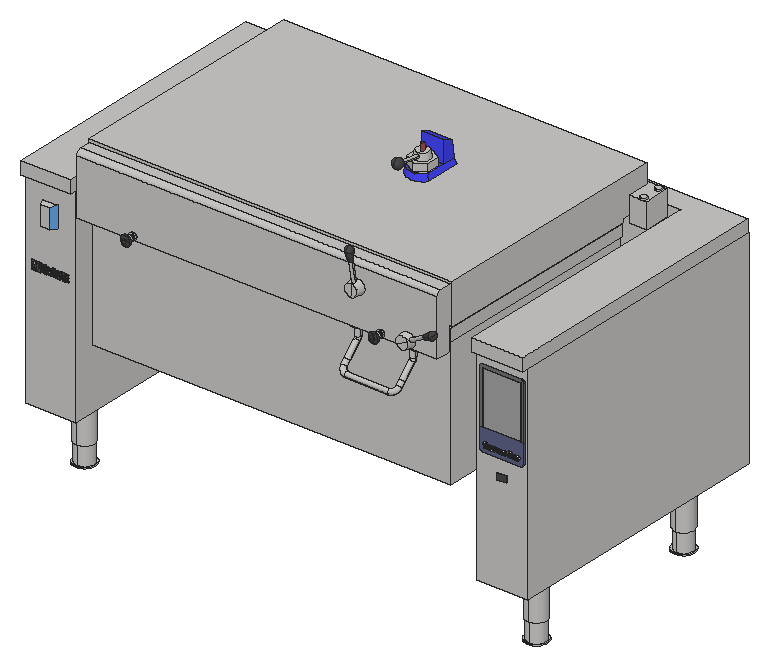
Revit family "QF_ELECTROLUXPROFESSIONAL_587146_PUET17ECIO", category Attrezzature speciali, Revit 2020 (continued)
Definition of nested family "QF_ELECTROLUXPROFESSIONAL_PUETNB900_LEFT"
  Automatic sketch dimensions
    Extrusion 4 sketch curve to Extrusion 4 sketch curve = 3.811 mm
    Extrusion 4 sketch curve to Extrusion 4 sketch curve = 2.136 mm  (x2)
    Extrusion 4 sketch curve to Extrusion 4 sketch curve = 2.352 mm  (x2)
    Extrusion 4 sketch curve to Extrusion 4 sketch curve = 3.797 mm
    Extrusion 4 sketch curve to Extrusion 4 sketch curve = 1.528 mm
    Extrusion 4 sketch curve to Extrusion 4 sketch curve = 1.476 mm  (x2)
    Extrusion 4 sketch curve to Extrusion 4 sketch curve = 1.469 mm  (x2)
    Extrusion 4 sketch curve to Extrusion 4 sketch curve = 3.728 mm
    Extrusion 4 sketch curve to Extrusion 4 sketch curve = 0.046 mm
    Extrusion 4 sketch curve to Extrusion 4 sketch curve = 0.177 mm
    Extrusion 4 sketch curve to Extrusion 4 sketch curve = 0.947 mm
    Extrusion 4 sketch curve to Extrusion 4 sketch curve = 0.308 mm
    Extrusion 4 sketch curve to Extrusion 4 sketch curve = 0.091 mm
    Extrusion 4 sketch curve to Extrusion 4 sketch curve = 2.375 mm
    Extrusion 4 sketch curve to Extrusion 4 sketch curve = 0.94 mm
    Extrusion 4 sketch curve to Extrusion 4 sketch curve = 0.54 mm
    Extrusion 4 sketch curve to Extrusion 4 sketch curve = 0.102 mm
    Extrusion 4 sketch curve to Extrusion 4 sketch curve = 0.002 mm  (x4)
    Extrusion 4 sketch curve to Extrusion 4 sketch curve = 0.105 mm
    Extrusion 4 sketch curve to Extrusion 4 sketch curve = 0.097 mm
    Extrusion 4 sketch curve to plane 3 "Center (Left/Right)" = 0.241 mm
    Extrusion 4 sketch curve to plane 3 "Center (Left/Right)" = 0.412 mm
    Extrusion 4 sketch curve to plane 3 "Center (Left/Right)" = 2.074 mm
    Extrusion 4 sketch curve to Extrusion 4 sketch curve = 1.777 mm
    Extrusion 4 sketch curve to plane 3 "Center (Left/Right)" = 2.704 mm
    Extrusion 4 sketch curve to Extrusion 4 sketch curve = 1.001 mm
    Extrusion 4 sketch curve to Extrusion 4 sketch curve = 1.393 mm  (x2)
    Extrusion 4 sketch curve to Extrusion 4 sketch curve = 2.363 mm
    Extrusion 4 sketch curve to Extrusion 4 sketch curve = 2.253 mm
    Extrusion 4 sketch curve to Extrusion 4 sketch curve = 0.014 mm  (x4)
    Extrusion 4 sketch curve to Extrusion 4 sketch curve = 0.172 mm
    Extrusion 4 sketch curve to Extrusion 4 sketch curve = 0.096 mm
    Extrusion 4 sketch curve to Extrusion 4 sketch curve = 0.164 mm
    Extrusion 4 sketch curve to Extrusion 4 sketch curve = 0.298 mm
    Extrusion 4 sketch curve to Extrusion 4 sketch curve = 0.247 mm
    Extrusion 4 sketch curve to Extrusion 4 sketch curve = 0.084 mm
    Extrusion 4 sketch curve to Extrusion 4 sketch curve = 6.484 mm
    Extrusion 4 sketch curve to Extrusion 4 sketch curve = 2.596 mm
    Extrusion 4 sketch curve to Extrusion 4 sketch curve = 0.059 mm  (x2)
    Extrusion 4 sketch curve to Extrusion 4 sketch curve = 3.889 mm
    Extrusion 4 sketch curve to Extrusion 4 sketch curve = 6.029 mm
    Extrusion 4 sketch curve to Extrusion 4 sketch curve = 0.929 mm
    Extrusion 4 sketch curve to Extrusion 4 sketch curve = 1.102 mm
    Extrusion 4 sketch curve to Extrusion 4 sketch curve = 0.756 mm  (x2)
    Extrusion 4 sketch curve to Extrusion 4 sketch curve = 0.852 mm
    Extrusion 4 sketch curve to Extrusion 4 sketch curve = 0.108 mm
    Extrusion 4 sketch curve to Extrusion 4 sketch curve = 0.101 mm
    Extrusion 4 sketch curve to Extrusion 4 sketch curve = 0.072 mm
    Extrusion 4 sketch curve to Extrusion 4 sketch curve = 1.67 mm
    Extrusion 4 sketch curve to Extrusion 4 sketch curve = 1.834 mm
    Extrusion 4 sketch curve to Extrusion 4 sketch curve = 0.366 mm
    Extrusion 4 sketch curve to Extrusion 4 sketch curve = 0.993 mm
    Extrusion 4 sketch curve to Extrusion 4 sketch curve = 0.81 mm
    Extrusion 4 sketch curve to Extrusion 4 sketch curve = 1.026 mm  (x2)
    Extrusion 4 sketch curve to Extrusion 4 sketch curve = 4.272 mm
    Extrusion 4 sketch curve to Extrusion 4 sketch curve = 0.163 mm
    Extrusion 4 sketch curve to Extrusion 4 sketch curve = 0.551 mm
    plane 14 to Extrusion 4 sketch curve = 6.023 mm
    Extrusion 4 sketch curve to Extrusion 4 sketch curve = 1.451 mm
    plane 14 to Extrusion 4 sketch curve = 5.28 mm
    Extrusion 4 sketch curve to Extrusion 4 sketch curve = 0.045 mm  (x2)
    Extrusion 4 sketch curve to Extrusion 4 sketch curve = 0.241 mm
    Extrusion 4 sketch curve to Extrusion 4 sketch curve = 0.039 mm
    Extrusion 4 sketch curve to Extrusion 4 sketch curve = 1.134 mm
    Extrusion 4 sketch curve to Extrusion 4 sketch curve = 2.351 mm
    Extrusion 4 sketch curve to plane 14 = 0.874 mm
    Extrusion 4 sketch curve to Extrusion 4 sketch curve = 10.128 mm
    Extrusion 4 sketch curve to Extrusion 4 sketch curve = 0.956 mm
    Extrusion 4 sketch curve to Extrusion 4 sketch curve = 1.263 mm
    Extrusion 4 sketch curve to Extrusion 4 sketch curve = 2.577 mm
    Extrusion 4 sketch curve to Extrusion 4 sketch curve = 0.243 mm
    Extrusion 4 sketch curve to Extrusion 4 sketch curve = 0.031 mm
    Extrusion 4 sketch curve to Extrusion 4 sketch curve = 7.148 mm
    Extrusion 4 sketch curve to Extrusion 4 sketch curve = 1.502 mm
    Extrusion 4 sketch curve to Extrusion 4 sketch curve = 11.54 mm
    Extrusion 4 sketch curve to Extrusion 4 sketch curve = 11.758 mm
    Extrusion 4 sketch curve to Extrusion 4 sketch curve = 4.097 mm
    Extrusion 4 sketch curve to Extrusion 4 sketch curve = 0.011 mm
    Extrusion 4 sketch curve to Extrusion 4 sketch curve = 4.488 mm
    plane 17 "CHW" to Extrusion 4 sketch curve = 191.223 mm
    Extrusion 4 sketch curve to Extrusion 4 sketch curve = 3.444 mm  (x2)
    Extrusion 4 sketch curve to Extrusion 4 sketch curve = 3.777 mm
    Extrusion 4 sketch curve to Extrusion 4 sketch curve = 1.093 mm
    Extrusion 4 sketch curve to Extrusion 4 sketch curve = 1.192 mm
    Extrusion 4 sketch curve to Extrusion 4 sketch curve = 0.319 mm
    Extrusion 4 sketch curve to Extrusion 4 sketch curve = 5.798 mm
    Extrusion 4 sketch curve to Extrusion 4 sketch curve = 2.021 mm
    Extrusion 4 sketch curve to Extrusion 4 sketch curve = 2.357 mm  (x3)
    Extrusion 4 sketch curve to Extrusion 4 sketch curve = 0.892 mm  (x3)
    Extrusion 4 sketch curve to Extrusion 4 sketch curve = 1.018 mm
    Extrusion 4 sketch curve to Extrusion 4 sketch curve = 3.382 mm  (x2)
    Extrusion 4 sketch curve to Extrusion 4 sketch curve = 2.117 mm
    Extrusion 4 sketch curve to Extrusion 4 sketch curve = 0.195 mm  (x2)
    Extrusion 4 sketch curve to Extrusion 4 sketch curve = 0.295 mm  (x2)
    Extrusion 4 sketch curve to Extrusion 4 sketch curve = 0.618 mm
    Extrusion 4 sketch curve to Extrusion 4 sketch curve = 0.385 mm  (x2)
    Extrusion 4 sketch curve to Extrusion 4 sketch curve = 1.626 mm  (x2)
    Extrusion 4 sketch curve to Extrusion 4 sketch curve = 1.65 mm
    Extrusion 4 sketch curve to Extrusion 4 sketch curve = 1.662 mm
    Extrusion 4 sketch curve to Extrusion 4 sketch curve = 0.013 mm  (x2)
    Extrusion 4 sketch curve to Extrusion 4 sketch curve = 0.292 mm
    Extrusion 4 sketch curve to Extrusion 4 sketch curve = 0.107 mm  (x2)
    Extrusion 4 sketch curve to Extrusion 4 sketch curve = 0.068 mm  (x2)
    Extrusion 4 sketch curve to Extrusion 4 sketch curve = 0.968 mm
    Extrusion 4 sketch curve to Extrusion 4 sketch curve = 0.365 mm
    Extrusion 4 sketch curve to Extrusion 4 sketch curve = 2.361 mm
    Extrusion 4 sketch curve to Extrusion 4 sketch curve = 2.359 mm
    Extrusion 4 sketch curve to Extrusion 4 sketch curve = 0.531 mm  (x2)
    Extrusion 4 sketch curve to Extrusion 4 sketch curve = 0.928 mm  (x2)
    Extrusion 4 sketch curve to Extrusion 4 sketch curve = 1.058 mm
    Extrusion 4 sketch curve to Extrusion 4 sketch curve = 0.297 mm  (x2)
    Extrusion 4 sketch curve to Extrusion 4 sketch curve = 0.155 mm  (x2)
    Extrusion 4 sketch curve to Extrusion 4 sketch curve = 1.305 mm
    Extrusion 4 sketch curve to Extrusion 4 sketch curve = 1.037 mm
    Extrusion 4 sketch curve to Extrusion 4 sketch curve = 0.182 mm  (x2)
    Extrusion 4 sketch curve to Extrusion 4 sketch curve = 0.607 mm  (x2)
    Extrusion 4 sketch curve to Extrusion 4 sketch curve = 0.304 mm  (x2)
    Extrusion 4 sketch curve to Extrusion 4 sketch curve = 0.372 mm  (x2)
    Extrusion 4 sketch curve to Extrusion 4 sketch curve = 0.016 mm  (x2)
    Extrusion 4 sketch curve to Extrusion 4 sketch curve = 0.996 mm
    Extrusion 4 sketch curve to Extrusion 4 sketch curve = 0.93 mm
    Extrusion 4 sketch curve to Extrusion 4 sketch curve = 0.709 mm  (x2)
    Extrusion 4 sketch curve to Extrusion 4 sketch curve = 1.752 mm
    Extrusion 4 sketch curve to Extrusion 4 sketch curve = 1.017 mm
    Extrusion 4 sketch curve to Extrusion 4 sketch curve = 4.718 mm
    Extrusion 4 sketch curve to Extrusion 4 sketch curve = 0.891 mm
    Extrusion 4 sketch curve to Extrusion 4 sketch curve = 3.826 mm
    Extrusion 4 sketch curve to Extrusion 4 sketch curve = 1.696 mm
    Extrusion 4 sketch curve to Extrusion 4 sketch curve = 0.954 mm
    Extrusion 4 sketch curve to Extrusion 4 sketch curve = 5.576 mm
    Extrusion 4 sketch curve to Extrusion 4 sketch curve = 5.657 mm  (x2)
    Extrusion 4 sketch curve to Extrusion 4 sketch curve = 5.661 mm  (x2)
    Extrusion 4 sketch curve to Extrusion 4 sketch curve = 0.006 mm
    Extrusion 4 sketch curve to Extrusion 4 sketch curve = 1.499 mm
    Extrusion 4 sketch curve to Extrusion 4 sketch curve = 7.186 mm
    Extrusion 4 sketch curve to Extrusion 4 sketch curve = 2.203 mm
    Extrusion 4 sketch curve to Extrusion 4 sketch curve = 2.21 mm
    Extrusion 4 sketch curve to Extrusion 4 sketch curve = 1.607 mm
    Extrusion 4 sketch curve to Extrusion 4 sketch curve = 3.479 mm
    Extrusion 4 sketch curve to Extrusion 4 sketch curve = 3.92 mm
    Extrusion 4 sketch curve to Extrusion 4 sketch curve = 0.05 mm
    Extrusion 4 sketch curve to Extrusion 4 sketch curve = 1.776 mm
    Extrusion 4 sketch curve to Extrusion 4 sketch curve = 4.017 mm
    Extrusion 4 sketch curve to Extrusion 4 sketch curve = 0.196 mm  (x2)
    Extrusion 4 sketch curve to Extrusion 4 sketch curve = 0.19 mm
    Extrusion 4 sketch curve to Extrusion 4 sketch curve = 1.312 mm
    Extrusion 4 sketch curve to Extrusion 4 sketch curve = 0.146 mm
    Extrusion 4 sketch curve to Extrusion 4 sketch curve = 2.831 mm
    Extrusion 4 sketch curve to Extrusion 4 sketch curve = 0.387 mm
    Extrusion 4 sketch curve to Extrusion 4 sketch curve = 0.174 mm
    Extrusion 4 sketch curve to Extrusion 4 sketch curve = 4.623 mm
    Extrusion 4 sketch curve to Extrusion 4 sketch curve = 1.754 mm
    Extrusion 4 sketch curve to Extrusion 4 sketch curve = 0.188 mm
    Extrusion 4 sketch curve to Extrusion 4 sketch curve = 0.02 mm
    Extrusion 4 sketch curve to Extrusion 4 sketch curve = 0.313 mm
    Extrusion 4 sketch curve to Extrusion 4 sketch curve = 0.12 mm
    Extrusion 4 sketch curve to Extrusion 4 sketch curve = 0.062 mm
    Extrusion 4 sketch curve to Extrusion 4 sketch curve = 0.568 mm
    Extrusion 4 sketch curve to Extrusion 4 sketch curve = 1.763 mm
    Extrusion 4 sketch curve to Extrusion 4 sketch curve = 0.095 mm
    Extrusion 4 sketch curve to Extrusion 4 sketch curve = 1.817 mm
    Extrusion 4 sketch curve to Extrusion 4 sketch curve = 0.357 mm
    Extrusion 4 sketch curve to Extrusion 4 sketch curve = 0.008 mm
    Extrusion 4 sketch curve to Extrusion 4 sketch curve = 0.36 mm
    Extrusion 4 sketch curve to Extrusion 4 sketch curve = 3.784 mm
    Extrusion 4 sketch curve to Extrusion 4 sketch curve = 1.654 mm
    Extrusion 4 sketch curve to Extrusion 4 sketch curve = 1.454 mm
    Extrusion 4 sketch curve to Extrusion 4 sketch curve = 1.705 mm
    Extrusion 4 sketch curve to Extrusion 4 sketch curve = 1.893 mm
    Extrusion 4 sketch curve to Extrusion 4 sketch curve = 3.429 mm
    Extrusion 4 sketch curve to Extrusion 4 sketch curve = 1.094 mm
    Extrusion 4 sketch curve to Extrusion 4 sketch curve = 2.218 mm
    Extrusion 4 sketch curve to Extrusion 4 sketch curve = 1.404 mm
    Extrusion 4 sketch curve to Extrusion 4 sketch curve = 5.763 mm
    Extrusion 4 sketch curve to Extrusion 4 sketch curve = 2.932 mm  (x2)
    Extrusion 4 sketch curve to Extrusion 4 sketch curve = 5.959 mm
    Extrusion 4 sketch curve to Extrusion 4 sketch curve = 1.424 mm
    Extrusion 4 sketch curve to Extrusion 4 sketch curve = 3.23 mm
    Extrusion 4 sketch curve to Extrusion 4 sketch curve = 1.975 mm
    Extrusion 4 sketch curve to Extrusion 4 sketch curve = 3.779 mm
    Extrusion 4 sketch curve to Extrusion 4 sketch curve = 2.212 mm
    Extrusion 4 sketch curve to Extrusion 4 sketch curve = 3.78 mm
    Extrusion 4 sketch curve to Extrusion 4 sketch curve = 1.279 mm
    Extrusion 4 sketch curve to Extrusion 4 sketch curve = 1.343 mm  (x2)
    Extrusion 4 sketch curve to Extrusion 4 sketch curve = 1.353 mm  (x2)
    Extrusion 4 sketch curve to Extrusion 4 sketch curve = 0.027 mm  (x2)
    Extrusion 4 sketch curve to Extrusion 4 sketch curve = 0.395 mm  (x2)
    Extrusion 4 sketch curve to Extrusion 4 sketch curve = 0.329 mm  (x2)
    Extrusion 4 sketch curve to Extrusion 4 sketch curve = 0.425 mm  (x2)
    Extrusion 4 sketch curve to Extrusion 4 sketch curve = 0.051 mm  (x2)
    Extrusion 4 sketch curve to Extrusion 4 sketch curve = 0.495 mm  (x2)
    Extrusion 4 sketch curve to Extrusion 4 sketch curve = 0.267 mm  (x2)
    Extrusion 4 sketch curve to Extrusion 4 sketch curve = 1.4 mm
    Extrusion 4 sketch curve to Extrusion 4 sketch curve = 5.233 mm
    Extrusion 4 sketch curve to Extrusion 4 sketch curve = 2.062 mm
    Extrusion 5 sketch curve to plane 13 "HW_CW" = 0.0 mm  (x2)
    Extrusion 5 sketch curve to plane 15 = 0.0 mm
    Extrusion 5 sketch curve to plane 14 = 0.0 mm
    Extrusion 6 sketch curve to plane 16 "Drain_Z" = 0.0 mm
    Extrusion 6 sketch curve to plane 18 = 0.0 mm
    Extrusion 7 sketch curve to plane 3 "Center (Left/Right)" = 0.0 mm
    Extrusion 7 sketch curve to plane 19 = 0.0 mm
    radius of Extrusion 2 sketch curve = 6.35 mm  (x2)
    radius of Extrusion 4 sketch curve = 2.453 mm
    radius of Extrusion 4 sketch curve = 1.557 mm
    radius of Extrusion 4 sketch curve = 1.468 mm
    radius of Extrusion 4 sketch curve = 2.451 mm
    radius of Extrusion 5 sketch curve = 5.0 mm  (x2)
    radius of Extrusion 6 sketch curve = 7.938 mm
    radius of Extrusion 7 sketch curve = 12.7 mm
Definition of nested family "QF_ELECTROLUXPROFESSIONAL_PUETNB900_RIGHT"
  Parameters
    Width = 160.0 mm
    Steam_z = 140.0 mm
    Steam_y = 239.0 mm
    Right = Width / 2  # 80.0 mm
    Default Elevation = 0.0 mm
    Left = -Width / 2  # -80.0 mm
    Htop = 40.0 mm
    Height = 900.0 mm
    HBase = 200.0 mm
    EI_z = 250.0 mm
    EI_y = 312.0 mm
    Depth = 900.0 mm
    BorderFront = 20.0 mm
    Body Finish [instance] = none
  Reference planes
    plane 1 "Center (Front/Back)": y = 0
    plane 2: z = 0
    plane 3 "Center (Left/Right)": x = 0
    plane 4 "LEFT": x = -80
    plane 5 "RIGHT": x = 80
    plane 6 "BACK": y = 450
    plane 7 "FRONT": y = -450
    plane 8 "Base": z = 200
    plane 9 "TOP": z = 900
    plane 10 "BorderFront": y = -430
    plane 11: z = 860
    plane 12 "EI": z = 450
    plane 13: y = 138
    plane 14 "STEAM_y": y = 211
    plane 15 "Steam_z": z = 340
  Forms (mm)
    Extrusion 1, solid
      sketch origin (0, 0, 0) x (1, 0, 0) y (0, 1, 0)
        loop
          line (-80, 450) -> (-80, -430) -> (80, -430) -> (80, 450) -> (-80, 450)
      from 860 to 200
    Extrusion 2, solid
      sketch origin (0, -430, 0) x (-1, 0, 0) y (0, 0, 1)
        loop
          line (59.714, 823.989) -> (-61.821, 823.989)
          arc (-61.821, 823.989) -> (-68.892, 821.06) -> (-71.821, 813.989) r 10
          line (-71.821, 813.989) -> (-71.821, 644.744) -> (-61.821, 644.744) -> (-61.821, 813.989) -> (59.714, 813.989) -> (59.714, 644.744) -> (69.714, 644.744) -> (69.714, 813.989)
          arc (69.714, 813.989) -> (66.786, 821.06) -> (59.714, 823.989) r 10
      from 0 to -3
    Extrusion 3, solid
      sketch origin (0, -430, 0) x (-1, 0, 0) y (0, 0, 1)
        loop
          line (69.714, 585) -> (69.714, 644.744) -> (-71.821, 644.744) -> (-71.821, 585)
          arc (-71.821, 585) -> (-68.892, 577.929) -> (-61.821, 575) r 10
          line (-61.821, 575) -> (59.714, 575)
          arc (59.714, 575) -> (66.786, 577.929) -> (69.714, 585) r 10
      from -3 to 0
    Extrusion 4, solid
      sketch origin (234.714, -430, 0) x (-1, 0, 0) y (0, 0, 1)
        loop
          line (294.429, 813.989) -> (172.894, 813.989) -> (172.894, 644.744) -> (294.429, 644.744) -> (294.429, 813.989)
      from 0 to -3
    Extrusion 5, solid
      sketch origin (0, -430, 0) x (-1, 0, 0) y (0, 0, 1)
        loop
          line (15, 530) -> (-15, 530) -> (-15, 510) -> (15, 510) -> (15, 530)
      from -1.6 to 0
    Extrusion 6, solid
      sketch origin (0, 450, 0) x (-1, 0, 0) y (0, 0, 1)
        loop
          circle (0, 450) r 5
      from 0 to 2
    Extrusion 7, solid
      sketch origin (0, 0, 200) x (0, 1, 0) y (-1, 0, 0)
        loop
          circle (138, 0) r 10
      from 0 to -3
    Extrusion 8, solid
      sketch origin (0, 0, 200) x (0, 1, 0) y (-1, 0, 0)
        loop
          circle (211, 0) r 12.7
      from 0 to -3
    Extrusion 9, solid
      sketch origin (0, 450, 0) x (-1, 0, 0) y (0, 0, 1)
        loop
          circle (0, 340) r 12.7
      from 0 to 3
  Lines and regions (mm)
    symbolic lines
      curve 1: line (-80, 450, 0) -> (80, 450, 0)
      curve 2: line (80, 450, 0) -> (80, -430, 0)
  Dimensions and locks
    "Width": plane 4 "LEFT" to plane 5 "RIGHT"
    equal spacing: plane 4 "LEFT", plane 3 "Center (Left/Right)", plane 5 "RIGHT"
    equal spacing: plane 6 "BACK", plane 1 "Center (Front/Back)", plane 7 "FRONT"
    "Depth": plane 6 "BACK" to plane 7 "FRONT"
    "BorderFront": plane 10 "BorderFront" to plane 7 "FRONT"
    "Htop": plane 9 "TOP" to plane 11
    "Height": plane 9 "TOP" to level
    "HBase": plane 8 "Base" to level
    "EI_y": plane 6 "BACK" to plane 13
    "EI_z": plane 12 "EI" to plane 8 "Base"
    "Steam_y": plane 6 "BACK" to plane 14 "STEAM_y"
    plane 15 "Steam_z" to plane 8 "Base" = 140.0 mm
    aligned and locked: level to plane 2
    aligned and locked: plane 10 "BorderFront" to Extrusion 1 sketch curve
    aligned and locked: plane 11 to Extrusion 1
    aligned and locked: Extrusion 1 to plane 8 "Base"
    aligned and locked: plane 4 "LEFT" to Extrusion 1 sketch curve
    aligned and locked: Extrusion 1 sketch curve to plane 5 "RIGHT"
    aligned and locked: Extrusion 1 sketch curve to plane 6 "BACK"
  Automatic sketch dimensions
    Extrusion 2 sketch curve to plane 5 "RIGHT" = 8.179 mm
    Extrusion 2 sketch curve to Extrusion 2 sketch curve = 10.0 mm  (x2)
    Extrusion 2 sketch curve to Extrusion 2 sketch curve = 0.0 mm  (x4)
    plane 4 "LEFT" to Extrusion 2 sketch curve = 20.286 mm
    Extrusion 2 sketch curve to plane 11 = 215.256 mm
    Extrusion 2 sketch curve to plane 11 = 46.011 mm
    Extrusion 3 sketch curve to plane 5 "RIGHT" = 8.179 mm
    plane 4 "LEFT" to Extrusion 3 sketch curve = 20.286 mm
    plane 4 "LEFT" to Extrusion 3 sketch curve = 10.286 mm
    Extrusion 3 sketch curve to plane 11 = 285.0 mm
    Extrusion 3 sketch curve to Extrusion 3 sketch curve = 59.744 mm
    Extrusion 3 sketch curve to Extrusion 3 sketch curve = 10.0 mm
    plane 4 "LEFT" to Extrusion 4 sketch curve = 20.286 mm
    Extrusion 4 sketch curve to plane 11 = 46.011 mm
    Extrusion 4 sketch curve to plane 5 "RIGHT" = 18.179 mm
    Extrusion 4 sketch curve to Extrusion 4 sketch curve = 169.244 mm
    Extrusion 6 sketch curve to plane 3 "Center (Left/Right)" = 0.0 mm
    Extrusion 6 sketch curve to plane 12 "EI" = 0.0 mm
    curve 1 to plane 4 "LEFT" = 0.0 mm
    curve 1 to plane 5 "RIGHT" = 0.0 mm
    curve 2 to plane 10 "BorderFront" = 0.0 mm
    curve 1 to plane 6 "BACK" = 0.0 mm
    plane 3 "Center (Left/Right)" to Extrusion 5 sketch curve = 15.0 mm
    Extrusion 5 sketch curve to plane 3 "Center (Left/Right)" = 15.0 mm
    plane 12 "EI" to Extrusion 5 sketch curve = 60.0 mm
    Extrusion 5 sketch curve to Extrusion 5 sketch curve = 20.0 mm
    Extrusion 7 sketch curve to plane 3 "Center (Left/Right)" = 0.0 mm
    Extrusion 7 sketch curve to plane 13 = 0.0 mm
    Extrusion 8 sketch curve to plane 3 "Center (Left/Right)" = 0.0 mm
    Extrusion 8 sketch curve to plane 14 "STEAM_y" = 0.0 mm
    Extrusion 9 sketch curve to plane 3 "Center (Left/Right)" = 0.0 mm
    Extrusion 9 sketch curve to plane 15 "Steam_z" = 0.0 mm
    radius of Extrusion 6 sketch curve = 5.0 mm
    radius of Extrusion 7 sketch curve = 10.0 mm
    radius of Extrusion 8 sketch curve = 12.7 mm
    radius of Extrusion 9 sketch curve = 12.7 mm
  Nested families
    nested 1: "ELX_ThermaLine" at (-0.906, -433, 593.675) x (1, 0, 0) z (0, -1, 0), type "ELX_ThermaLine"
      with Show Logo yes, Material_Logo none
  Definition of nested family "ELX_ThermaLine"
    Parameters
      Show Logo [instance] = yes
      Material_Logo [instance] = none
      Default Elevation = 0.0 mm
    Reference planes
      plane 1 "Centro (Fronte/Retro)": y = 0
      plane 2: z = 0
      plane 3 "Centro (Sinistra/Destra)": x = 0
    Forms (mm)
      Extrusion 1, solid
        sketch origin (0, 0, 0) x (1, 0, 0) y (0, 1, 0)
          loop
            line (-1219.2, 1219.2) -> (-1219.2, -1219.2) -> (1219.2, -1219.2) -> (1219.2, 1219.2) -> (-1219.2, 1219.2)
        from 0 to -304.8
      Extrusion 2, solid
        sketch origin (0, 0, 0) x (1, 0, 0) y (0, 1, 0)
          loop
            line (-52.84, 4.345) -> (-50.793, 4.345) -> (-50.793, 6.716) -> (-52.84, 6.716) -> (-52.84, 10.788) -> (-55.901, 9.058) -> (-55.901, 6.716) -> (-57.324, 6.716) -> (-57.324, 4.345) -> (-55.901, 4.345) -> (-55.901, -1.637)
            arc (-55.901, -1.637) -> (-54.76, -4.355) -> (-51.88, -4.985) r 3.198
            line (-51.88, -4.985) -> (-50.444, -4.597) -> (-50.782, -2.189) -> (-51.765, -2.453)
            arc (-51.765, -2.453) -> (-52.506, -2.305) -> (-52.84, -1.628) r 0.854
            line (-52.84, -1.628) -> (-52.84, 4.345)
          loop
            line (-48.642, 11.198) -> (-48.642, -4.787) -> (-45.561, -4.787) -> (-45.561, 2.659)
            arc (-45.561, 2.659) -> (-44.379, 4.372) -> (-42.304, 4.523) r 2.408
            arc (-42.304, 4.523) -> (-41.484, 3.75) -> (-41.182, 2.665) r 2.099
            line (-41.182, 2.665) -> (-41.182, -4.787) -> (-38.117, -4.787) -> (-38.088, 2.166)
            arc (-38.088, 2.166) -> (-38.343, 3.963) -> (-39.021, 5.646) r 7.517
            arc (-39.021, 5.646) -> (-42.369, 6.971) -> (-45.561, 5.303) r 4.327
            line (-45.561, 5.303) -> (-45.561, 11.198) -> (-48.642, 11.198)
          loop
            arc (-28.196, 1.988) -> (-28.834, 3.893) -> (-30.683, 4.679) r 2.449
            arc (-30.683, 4.679) -> (-32.149, 3.674) -> (-32.711, 1.988) r 2.793
            line (-32.711, 1.988) -> (-28.196, 1.988)
          loop
            arc (-25.128, 0.121) -> (-26.074, 4.342) -> (-29.545, 6.923) r 6.212
            arc (-29.545, 6.923) -> (-33.021, 6.358) -> (-35.352, 3.718) r 5.232
            arc (-35.352, 3.718) -> (-35.918, 1.148) -> (-35.633, -1.468) r 8.117
            arc (-35.633, -1.468) -> (-34.524, -3.319) -> (-32.789, -4.603) r 5.523
            arc (-32.789, -4.603) -> (-28.402, -4.744) -> (-25.297, -1.641) r 5.523
            line (-25.297, -1.641) -> (-28.327, -1.106)
            arc (-28.327, -1.106) -> (-29.324, -2.396) -> (-30.951, -2.501) r 1.982
            arc (-30.951, -2.501) -> (-32.276, -1.475) -> (-32.789, 0.121) r 2.835
            line (-32.789, 0.121) -> (-25.128, 0.121)
          loop
            line (-22.733, -4.787) -> (-19.705, -4.787) -> (-19.705, 0)
            arc (-19.705, 0) -> (-19.663, 1.267) -> (-19.469, 2.521) r 10.557
            arc (-19.469, 2.521) -> (-18.189, 4.014) -> (-16.237, 3.761) r 2.069
            line (-16.237, 3.761) -> (-15.318, 6.433)
            arc (-15.318, 6.433) -> (-17.915, 6.783) -> (-19.931, 5.11) r 3.262
            line (-19.931, 5.11) -> (-19.931, 6.752) -> (-22.733, 6.752) -> (-22.733, -4.787)
          loop
            line (-14.233, 6.752) -> (-14.233, -4.787) -> (-11.135, -4.787) -> (-11.135, 1.783)
            arc (-11.135, 1.783) -> (-10.552, 3.635) -> (-8.862, 4.59) r 2.646
            arc (-8.862, 4.59) -> (-7.677, 3.931) -> (-7.234, 2.65) r 1.899
            line (-7.234, 2.65) -> (-7.234, -4.787) -> (-4.155, -4.787) -> (-4.155, 1.467)
            arc (-4.155, 1.467) -> (-3.845, 2.923) -> (-2.97, 4.128) r 3.581
            arc (-2.97, 4.128) -> (-1.581, 4.474) -> (-0.516, 3.516) r 1.525
            arc (-0.516, 3.516) -> (-0.324, 2.735) -> (-0.304, 1.931) r 3.735
            line (-0.304, 1.931) -> (-0.304, -4.787) -> (2.776, -4.787) -> (2.776, 3.096)
            arc (2.776, 3.096) -> (1.833, 5.68) -> (-0.612, 6.942) r 3.784
            arc (-0.612, 6.942) -> (-2.795, 6.596) -> (-4.513, 5.205) r 4.271
            arc (-4.513, 5.205) -> (-5.893, 6.457) -> (-7.686, 6.964) r 4.079
            arc (-7.686, 6.964) -> (-9.75, 6.555) -> (-11.39, 5.237) r 4.412
            line (-11.39, 5.237) -> (-11.39, 6.752) -> (-14.233, 6.752)
          loop
            line (5.334, 3.712) -> (8.069, 3.23)
            arc (8.069, 3.23) -> (10.312, 4.685) -> (12.137, 2.73) r 2.082
            line (12.137, 2.73) -> (8.171, 1.741)
            arc (8.171, 1.741) -> (6.593, 1.022) -> (5.378, -0.215) r 4.758
            arc (5.378, -0.215) -> (5.225, -1.991) -> (5.744, -3.697) r 4.711
            arc (5.744, -3.697) -> (7.301, -4.682) -> (9.118, -4.992) r 4.691
            arc (9.118, -4.992) -> (10.903, -4.593) -> (12.411, -3.558) r 4.818
            line (12.411, -3.558) -> (12.81, -4.787) -> (15.873, -4.787) -> (15.179, -2.652) -> (15.179, 3.25)
            arc (15.179, 3.25) -> (14.773, 5.146) -> (13.38, 6.496) r 3.336
            arc (13.38, 6.496) -> (10.765, 7.201) -> (8.091, 6.773) r 6.459
            arc (8.091, 6.773) -> (6.348, 5.57) -> (5.334, 3.712) r 4.569
          loop
            line (21.001, -4.787) -> (24.24, -4.787) -> (27.623, 11.127) -> (24.384, 11.127) -> (21.001, -4.787)
          loop
            line (27.273, -4.787) -> (30.332, -4.787) -> (32.777, 6.716) -> (29.718, 6.716) -> (27.273, -4.787)
          loop
            line (30.656, 11.127) -> (30.058, 8.314) -> (33.117, 8.314) -> (33.715, 11.127) -> (30.656, 11.127)
          loop
            line (33.431, -4.787) -> (36.649, -4.787) -> (38.261, 2.796)
            arc (38.261, 2.796) -> (39.644, 4.445) -> (41.791, 4.594) r 2.751
            arc (41.791, 4.594) -> (42.425, 3.729) -> (42.502, 2.659) r 1.936
            line (42.502, 2.659) -> (40.919, -4.787) -> (43.989, -4.787) -> (45.795, 3.712)
            arc (45.795, 3.712) -> (45.588, 5.458) -> (44.361, 6.716) r 2.734
            arc (44.361, 6.716) -> (41.222, 6.857) -> (38.516, 5.259) r 5.512
            line (38.516, 5.259) -> (38.826, 6.716) -> (35.876, 6.716) -> (33.431, -4.787)
          loop
            line (50.773, 1.934) -> (55.672, 1.934)
            arc (55.672, 1.934) -> (55.737, 2.919) -> (55.334, 3.821) r 2.051
            arc (55.334, 3.821) -> (53.773, 4.722) -> (52.024, 4.287) r 2.407
            arc (52.024, 4.287) -> (51.223, 3.203) -> (50.773, 1.934) r 4.566
          loop
            line (50.479, 0) -> (58.259, 0)
            arc (58.259, 0) -> (58.241, 3.53) -> (56.181, 6.396) r 5.8
            arc (56.181, 6.396) -> (52.577, 6.992) -> (49.395, 5.199) r 5.498
            arc (49.395, 5.199) -> (47.819, 2.372) -> (47.536, -0.853) r 7.747
            arc (47.536, -0.853) -> (48.406, -3.006) -> (50.236, -4.437) r 4.494
            arc (50.236, -4.437) -> (52.672, -4.934) -> (55.109, -4.437) r 6.224
            arc (55.109, -4.437) -> (56.76, -3.346) -> (57.916, -1.739) r 5.478
            line (57.916, -1.739) -> (55.129, -1.247)
            arc (55.129, -1.247) -> (53.897, -2.495) -> (52.149, -2.637) r 2.52
            arc (52.149, -2.637) -> (50.809, -1.638) -> (50.479, 0) r 2.336
          loop
            line (12.154, 0.755) -> (8.732, -0.098)
            arc (8.732, -0.098) -> (8.126, -1.288) -> (8.732, -2.478) r 1.471
            arc (8.732, -2.478) -> (10.437, -2.725) -> (11.827, -1.706) r 2.276
            arc (11.827, -1.706) -> (12.142, -0.496) -> (12.154, 0.755) r 5.123
        from 0 to 1.6
    Dimensions and locks
      aligned and locked: plane 2 to Extrusion 1
      aligned and locked: level to Extrusion 1
Definition of nested family "QF_ELECTROLUXPROFESSIONAL_2FEET_THL_120xH200"
  Parameters
    Width = 120.0 mm
    Right = Width / 2  # 60.0 mm
    Default Elevation = 0.0 mm
    Left = -Width / 2  # -60.0 mm
    Height = 200.0 mm
    HBase = Height - 15.0 mm  # 185.0 mm
    Depth = 880.0 mm
  Reference planes
    plane 1 "Center (Front/Back)": y = 0
    plane 2: z = 0
    plane 3 "Center (Left/Right)": x = 0
    plane 4 "LEFT": x = -60
    plane 5 "RIGHT": x = 60
    plane 6 "BACK": y = 440
    plane 7 "FRONT": y = -440
    plane 8 "Base": z = 185
    plane 9 "TOP": z = 200
    plane 10: y = 283
    plane 11: y = -304
    plane 12: y = 368
    plane 13: y = -388
    plane 14: x = -80
  Forms (mm)
    Extrusion 1, solid
      sketch origin (0, 0, 200) x (0, 1, 0) y (-1, 0, 0)
        loop
          line (368, 60) -> (-388, 60) -> (-388, -60) -> (368, -60) -> (368, 60)
      from 0 to -15
    Revolve 2, solid
      sketch origin (0, 0, 0) x (0, 1, 0) y (0, 0, 1)
        loop
          line (283, 0) -> (318, 0) -> (318, 2) -> (311.179, 2) -> (311.179, 63) -> (314.75, 63) -> (314.75, 185) -> (283, 185) -> (283, 0)
        axis (283, 185) -> (283, 0)
      angle from 0 to 360
    Revolve 3, solid
      sketch origin (0, 0, 0) x (0, 1, 0) y (0, 0, 1)
        loop
          line (-304, 185) -> (-304, 0) -> (-269, 0) -> (-269, 2) -> (-275.821, 2) -> (-275.821, 63) -> (-272.25, 63) -> (-272.25, 185) -> (-304, 185)
        axis (-304, 185) -> (-304, 0)
      angle from 0 to 360
  Dimensions and locks
    "Width": plane 4 "LEFT" to plane 5 "RIGHT"
    equal spacing: plane 4 "LEFT", plane 3 "Center (Left/Right)", plane 5 "RIGHT"
    equal spacing: plane 6 "BACK", plane 1 "Center (Front/Back)", plane 7 "FRONT"
    "Depth": plane 6 "BACK" to plane 7 "FRONT"
    "HBase": plane 8 "Base" to level
    "Height": plane 9 "TOP" to level
    locked: plane 6 "BACK" to plane 10 at 157
    locked: plane 10 to plane 11 at 587
    plane 6 "BACK" to plane 12 = 72.0 mm
    plane 13 to plane 7 "FRONT" = 52.0 mm
    plane 12 to plane 13 = 756.0 mm
    plane 14 to plane 3 "Center (Left/Right)" = 80.0 mm
    aligned and locked: level to plane 2
    aligned and locked: Extrusion 1 sketch curve to plane 5 "RIGHT"
    aligned and locked: plane 4 "LEFT" to Extrusion 1 sketch curve
    aligned and locked: Extrusion 1 to plane 8 "Base"
    aligned and locked: Extrusion 1 sketch curve to plane 12
    aligned and locked: plane 13 to Extrusion 1 sketch curve
  Automatic sketch dimensions
    Revolve 2 sketch curve to level = 0.0 mm
    Revolve 2 sketch curve to plane 10 = 0.0 mm  (x2)
    Revolve 2 sketch curve to plane 8 "Base" = 0.0 mm
    plane 10 to Revolve 2 sketch curve = 28.179 mm
    Revolve 2 sketch curve to Revolve 2 sketch curve = 31.75 mm
    Revolve 2 sketch curve to Revolve 2 sketch curve = 6.821 mm
    level to Revolve 2 sketch curve = 2.0 mm
    Revolve 2 sketch curve to Revolve 2 sketch curve = 61.0 mm
    Revolve 2 sketch curve to level = 50.0 mm
    plane 9 "TOP" to Revolve 2 sketch curve = 70.0 mm
    Revolve 3 sketch curve to plane 11 = 0.0 mm
    Revolve 3 sketch curve to level = 0.0 mm
    Revolve 3 sketch curve to plane 10 = 587.0 mm
    Revolve 3 sketch curve to plane 8 "Base" = 0.0 mm
    Revolve 3 sketch curve to plane 10 = 558.821 mm
    Revolve 3 sketch curve to Revolve 3 sketch curve = 3.571 mm
    Revolve 3 sketch curve to Revolve 3 sketch curve = 6.821 mm
    level to Revolve 3 sketch curve = 2.0 mm
    Revolve 3 sketch curve to Revolve 3 sketch curve = 61.0 mm
    Revolve 3 sketch curve to level = 180.0 mm
    plane 9 "TOP" to Revolve 3 sketch curve = 205.0 mm
Definition of nested family "QF_ELECTROLUXPROFESSIONAL_PUET900_LEVEL1"
  Parameters
    Default Elevation = 0.0 mm
    Assembly Code = ""
  Reference planes
    plane 1 "Center (Front/Back)": y = 0
    plane 2: z = 0
    plane 3 "Center (Left/Right)": x = 0
  Forms (mm)
    Extrusion 1, solid
      sketch origin (0, 3.876, 51.351) x (1, 0, 0) y (0, 0.173648, 0.984808)
        loop
          circle (0, 0) r 5
      from 23.748 to 93.473
    Revolve 2, solid
      sketch origin (0, -19.24, 55.427) x (0, 0.984808, -0.173648) y (0, 0.173648, 0.984808)
        loop
          arc (-66.103, 5) -> (-82.782, 14.784) -> (-95.246, 0) r 15
          line (-95.246, 0) -> (-70, 0) -> (-70, 5) -> (-66.103, 5)
        axis (-66.103, 0) -> (-95.246, 0)
      angle from 0 to 360
    Revolve 3, solid
      sketch origin (0, 0, 0) x (0, 1, 0) y (0, 0, 1)
        loop
          line (0, 65.171) -> (0, 45.474) -> (23.473, 45.474) -> (20, 65.171) -> (0, 65.171)
        loop
          line (31.975, 22.781) -> (0, 22.781) -> (0, 17.857) -> (32.843, 17.857) -> (31.975, 22.781)
        axis (0, 17.857) -> (0, 65.171)
      angle from 0 to 360
    Extrusion 4, solid
      sketch origin (0, 0, 0) x (1, 0, 0) y (0, 1, 0)
        loop
          line (0, 40) -> (-34.641, 20) -> (-34.641, -20) -> (0, -40) -> (34.641, -20) -> (34.641, 20) -> (0, 40)
      from 22.781 to 45.474
    Extrusion 5, solid
      sketch origin (0, 0, 0) x (1, 0, 0) y (0, 1, 0)
        loop
          circle (0, 0) r 5
      from 85 to 65.171
    Extrusion 6, solid
      sketch origin (0, 0, 0) x (0, 1, 0) y (0, 0, 1)
        loop
          line (42.157, 17.857) -> (81.637, 17.857) -> (73.878, 73.065) -> (42.157, 87.857) -> (42.157, 17.857)
      from -35 to 35
    Blend 7, solid
      base sketch origin (0, 0, 0) x (1, 0, 0) y (0, 1, 0)
        loop
          line (-35, 81.637) -> (-35, -21.011)
          arc (-35, -21.011) -> (0, -40) -> (35, -21.011) r 41.751
          line (35, -21.011) -> (35, 81.637) -> (-35, 81.637)
      top sketch origin (0, 0, 0) x (1, 0, 0) y (0, 1, 0)
        loop
          arc (-40, -22.449) -> (0, -45) -> (40, -22.449) r 46.751
          line (40, -22.449) -> (40, 86.637) -> (-40, 86.637) -> (-40, -22.449)
      from 17.857 to 0
  Cuts and joins
    joined: Extrusion 1, Revolve 3
  Lines and regions (mm)
    symbolic lines
      curve 1: circle (0, -98.471, 0) r 15 normal (0, 0, 1)
      curve 2: line (-40, 86.637, 0) -> (40, 86.637, 0)
      curve 3: line (-40, -22.449, 0) -> (-40, 86.637, 0)
      curve 4: line (40, 86.637, 0) -> (40, -22.449, 0)
      curve 5: arc (40, -22.449, 0) -> (25.109, -37.685, 0) -> (5.003, -44.731, 0) r 46.751
      curve 6: line (5.003, -37.111, 0) -> (34.641, -20, 0)
      curve 7: line (34.641, 20, 0) -> (0, 40, 0)
      curve 8: line (0, 40, 0) -> (-34.641, 20, 0)
      curve 9: line (-35, 81.637, 0) -> (-35, -19.793, 0)
      curve 10: line (35, 81.637, 0) -> (-35, 81.637, 0)
      curve 11: line (-35, 73.878, 0) -> (35, 73.878, 0)
      curve 12: line (-35, 42.157, 0) -> (35, 42.157, 0)
      curve 13: line (34.641, -20, 0) -> (34.641, 20, 0)
      curve 14: line (-35, -19.793, 0) -> (-4.999, -37.114, 0)
      curve 15: line (5.003, -21.076, 0) -> (5.003, -84.33, 0)
      curve 16: line (-4.999, -21.076, 0) -> (-4.999, -84.328, 0)
      curve 17: line (-4.999, -21.076, 0) -> (5.003, -21.076, 0)
      curve 18: circle (0, 0, 0) r 5 normal (0, 0, 1)
      curve 19: circle (0, 0, 0) r 20 normal (0, 0, 1)
      curve 20: arc (-35, -21.011, 0) -> (-22.075, -33.687, 0) -> (-4.999, -39.7, 0) r 41.751
      curve 21: arc (5.003, -22.934, 0) -> (-0.002, 23.473, 0) -> (-4.999, -22.935, 0) r 23.473
      curve 22: arc (5.003, -39.699, 0) -> (22.077, -33.686, 0) -> (35, -21.011, 0) r 41.751
      curve 23: arc (-4.999, -44.732, 0) -> (-25.107, -37.686, 0) -> (-40, -22.449, 0) r 46.751
      curve 24: line (35, 81.637, 0) -> (35, -21.011, 0)
  Dimensions and locks
    aligned and locked: level to plane 2
Definition of nested family "QF_ELECTROLUXPROFESSIONAL_PUET900_LEVEL2"
  Parameters
    Default Elevation = 0.0 mm
    Assembly Code = ""
  Reference planes
    plane 1 "Center (Front/Back)": y = 0
    plane 2: z = 0
    plane 3 "Center (Left/Right)": x = 0
  Forms (mm)
    Extrusion 1, solid
      sketch origin (0, -8.374, -4.296) x (1, 0, 0) y (0, 0.98052, 0.196417)
        loop
          circle (0, 0) r 5
      from 23.748 to 93.473
    Revolve 2, solid
      sketch origin (0, -12.985, 18.72) x (0, 0.196417, -0.98052) y (0, 0.98052, 0.196417)
        loop
          line (-70, 0) -> (-70, 6.136) -> (-101.485, 11.307)
          arc (-101.485, 11.307) -> (-109.48, 7.995) -> (-112.792, 0) r 11.307
          line (-112.792, 0) -> (-70, 0)
        axis (-70, 0) -> (-112.792, 0)
      angle from 0 to 360
    Revolve 3, solid
      sketch origin (0, 0, -45.474) x (0, 1, 0) y (0, 0, 1)
        loop
          line (-25.258, 45.474) -> (0, 45.474) -> (0, 68.947) -> (-25.258, 64.494) -> (-25.258, 45.474)
        axis (0, 45.474) -> (-25.258, 45.474)
      angle from 0 to 360
  Cuts and joins
    joined: Extrusion 1, Revolve 3
  Lines and regions (mm)
    symbolic lines
      curve 1: line (-19.019, -25.258, 0) -> (-23.473, 0, 0)
      curve 2: line (-23.473, 0, 0) -> (23.473, 0, 0)
      curve 3: line (23.473, 0, 0) -> (19.019, -25.258, 0)
      curve 4: line (19.019, -25.258, 0) -> (8.015, -25.258, 0)
      curve 5: circle (0, -32.918, 0) r 11.087 normal (0, 0, 1)
      curve 6: line (-8.015, -25.258, 0) -> (-19.019, -25.258, 0)
      curve 7: line (-4.999, -13.345, 0) -> (-4.999, -23.022, 0)
      curve 8: line (4.998, -13.345, 0) -> (4.998, -23.022, 0)
      curve 9: arc (4.998, -13.345, 0) -> (-0.001, -8.347, 0) -> (-4.999, -13.345, 0) r 4.999
  Dimensions and locks
    aligned and locked: level to plane 2
Definition of nested family "QF_ELECTROLUXPROFESSIONAL_PUET900_LEVEL3"
  Parameters
    Default Elevation = 0.0 mm
    Assembly Code = ""
  Reference planes
    plane 1 "Center (Front/Back)": y = 0
    plane 2: z = 0
    plane 3 "Center (Left/Right)": x = 0
  Forms (mm)
    Extrusion 1, solid
      sketch origin (-3.72, -8.374, -2.148) x (0.5, 0, -0.866025) y (0.170102, 0.98052, 0.098208)
        loop
          circle (0, 0) r 5
      from 23.748 to 93.473
    Revolve 2, solid
      sketch origin (16.212, -12.985, 9.36) x (-0.849156, 0.196417, -0.49026) y (0.170102, 0.98052, 0.098208)
        loop
          line (-70, 0) -> (-70, 6.136) -> (-101.485, 11.307)
          arc (-101.485, 11.307) -> (-109.48, 7.995) -> (-112.792, 0) r 11.307
          line (-112.792, 0) -> (-70, 0)
        axis (-70, 0) -> (-112.792, 0)
      angle from 0 to 360
    Revolve 3, solid
      sketch origin (-39.382, 0, -22.737) x (0, 1, 0) y (0.866025, 0, 0.5)
        loop
          line (-25.258, 45.474) -> (0, 45.474) -> (0, 68.947) -> (-25.258, 64.494) -> (-25.258, 45.474)
        axis (0, 45.474) -> (-25.258, 45.474)
      angle from 0 to 360
  Cuts and joins
    joined: Extrusion 1, Revolve 3
  Lines and regions (mm)
    symbolic lines
      curve 1: line (-19.019, -25.258, 0) -> (-23.473, 0, 0)
      curve 2: line (-23.473, 0, 0) -> (23.473, 0, 0)
      curve 3: line (23.473, 0, 0) -> (19.019, -25.258, 0)
      curve 4: line (19.019, -25.258, 0) -> (8.015, -25.258, 0)
      curve 5: circle (0, -32.918, 0) r 11.087 normal (0, 0, 1)
      curve 6: line (-8.015, -25.258, 0) -> (-19.019, -25.258, 0)
      curve 7: line (-4.999, -13.345, 0) -> (-4.999, -23.022, 0)
      curve 8: line (4.998, -13.345, 0) -> (4.998, -23.022, 0)
      curve 9: arc (4.998, -13.345, 0) -> (-0.001, -8.347, 0) -> (-4.999, -13.345, 0) r 4.999
  Dimensions and locks
    aligned and locked: level to plane 2
Definition of nested family "QF_ELECTROLUXPROFESSIONAL_PUET900_LEVEL4"
  Parameters
    Default Elevation = 0.0 mm
    Assembly Code = ""
  Reference planes
    plane 1 "Center (Front/Back)": y = 0
    plane 2: z = 0
    plane 3 "Center (Left/Right)": x = 0
    plane 4 "Plane45": through (-6096, -44.163, -88.062) normal (0, -0.7071, 0.7071)
  Forms (mm)
    Sweep 1, solid
      path origin (0, 0, 0) x (0, 1, 0) y (0, 0, 1)
        loop
          line (0, -10) -> (0, -36.443)
          arc (0, -36.443) -> (-1.37, -43.331) -> (-5.272, -49.171) r 18
          line (-5.272, -49.171) -> (-44.163, -88.062)
      profile origin (0, 0, -23.222) x (1, 0, 0) y (0, 1, 0)
        loop
          circle (-87.5, 0) r 8
    Sweep 2, solid
      path origin (175, 0, 0) x (0, 1, 0) y (0, 0, 1)
        loop
          line (0, -10) -> (0, -36.443)
          arc (0, -36.443) -> (-1.37, -43.331) -> (-5.272, -49.171) r 18
          line (-5.272, -49.171) -> (-44.163, -88.062)
      profile origin (175, 0, -23.222) x (1, 0, 0) y (0, 1, 0)
        loop
          circle (-87.5, 0) r 8
    Sweep 3, solid
      path origin (0, 21.949, -21.949) x (0, 0.707107, 0.707107) y (-1, 0, 0)
        loop
          line (-93.497, 87.5) -> (-110.497, 87.5)
          arc (-110.497, 87.5) -> (-123.225, 82.228) -> (-128.497, 69.5) r 18
          line (-128.497, 69.5) -> (-128.497, -69.5)
          arc (-128.497, -69.5) -> (-123.225, -82.228) -> (-110.497, -87.5) r 18
          line (-110.497, -87.5) -> (-93.497, -87.5)
      profile origin (-87.5, -50.173, -94.072) x (1, 0, 0) y (0, -0.707107, 0.707107)
        loop
          circle (0, 0) r 8
    Extrusion 4, solid
      sketch origin (0, 0, 0) x (1, 0, 0) y (0, 1, 0)
        loop
          arc (-87.5, -13) -> (-74.5, 0) -> (-87.5, 13) r 13
          line (-87.5, 13) -> (-99.539, 13)
          arc (-99.539, 13) -> (-112.539, 0) -> (-99.539, -13) r 13
          line (-99.539, -13) -> (-87.5, -13)
        loop
          line (87.5, -13) -> (99.539, -13)
          arc (99.539, -13) -> (112.539, 0) -> (99.539, 13) r 13
          line (99.539, 13) -> (87.5, 13)
          arc (87.5, 13) -> (74.5, 0) -> (87.5, -13) r 13
      from 0 to -10
  Cuts and joins
    joined: Sweep 1, Sweep 2, Sweep 3
  Lines and regions (mm)
    symbolic lines
      curve 1: line (-95.5, -24.6, 0) -> (-95.5, -56, 0)
      curve 2: arc (-95.5, -56, 0) -> (-89.642, -70.142, 0) -> (-75.5, -76, 0) r 20
      curve 3: line (-60.5, -60, 0) -> (75.5, -60, 0)
      curve 4: line (-75.5, -76, 0) -> (75.5, -76, 0)
      curve 5: arc (75.5, -76, 0) -> (85.747, -73.176, 0) -> (93.1, -65.5, 0) r 20
      curve 6: arc (75.5, -60, 0) -> (77.218, -59.612, 0) -> (78.603, -58.524, 0) r 4
  Dimensions and locks
    aligned and locked: level to plane 2
